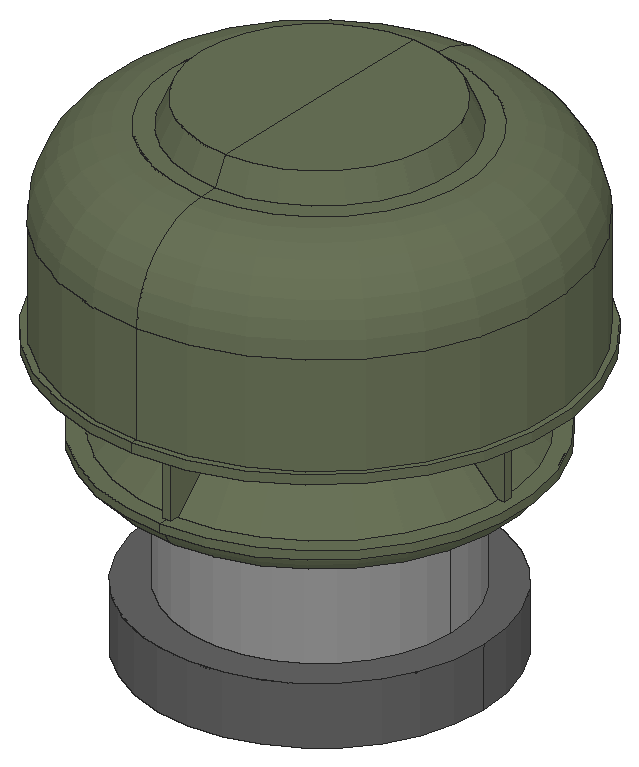
Revit family "Parex_AirTerminal_Amore900", category Air Terminals, host Face, Revit 2023
Family settings
  Host = Face
  Round Connector Dimension = Use Diameter
  Part Type = Normal
  Cut with Voids When Loaded = No
  Shared = No
  Room Calculation Point = No
Parameters
  Width = 278 mm
  WarrantyDescription = "10 years"
  URL = "https://amorehomes.co.nz/"
  Type IFC Predefined Type = "DIFFUSER"
  Specifications = "900 m3/hr airflow\r\n\r\nEnergy efficient German made EX-Motor\r\n\r\nThe motor housing is crafted from ASA, one of the most durable plastics for direct sunlight exposure\r\n\r\n200mm flexi ducting (5m), solid roof extension pipe and bell housing adapter included with motor.\r\n\r\nInstallation: Roof & Wall"
  RoofAngleInput [instance] = 0.00°
  MountType = ""
  Model = "AM900"
  Material = Parex_ASA Plastic_Green
  Manufacturer = "Amore Homes"
  Height = 198 mm
  GrillMaterial = Parex_ASA Plastic_Green_Cutout
  Export Type to IFC As = "IfcAirTerminalType"
  Description = "Amore 900 Normal Cooking"
  Dektite_Diameter = 200 mm
  Default Elevation = 1219.2 mm
  ChimneyLength = 100 mm
  ChimneyDiameter = 160 mm
  Calc_DektiteMidDiameter = ChimneyDiameter + ((Dektite_Diameter - ChimneyDiameter) / 2)  # 180 mm
  BasePlateThickness = 59.841 mm
  BaseHeight = 35 mm
  Angle [instance] = 90.00° - RoofAngleInput  # 90.00°
Reference planes
  plane 1 "Center (Front/Back)": y = 0
  plane 2: z = 0
  plane 3 "Center (Left/Right)": x = 0
  plane 4: x = -492.082
  plane 5: y = -550.771
  plane 6: y = 550.771
  plane 7: x = 492.082
  plane 8: z = 180.161
  plane 9: z = 500.161
  plane 10: z = -559.737
  plane 11 "BaseHeight": z = 35
Forms (mm)
  Sweep 1, solid, material "Parex_Metal_430 Stainless Steel"
    path in 3D
      loop
        line (0, 0, 0) -> (0, 0, 100)
    profile origin (0, 0, 50) x (-1, 0, 0) y (0, -1, 0)
      loop
        circle (0, 0) r 80
  Extrusion 2, solid, material "Parex_Dektite"
    sketch origin (0, 0, 0) x (1, 0, 0) y (0, 1, 0)
      loop
        circle (0, 0) r 100
    from 0 to 35
Lines and regions (mm)
  reference lines
    curve 1: circle (0, 0, 0) r 100 normal (0, 0, 1)
    curve 2: circle (0, 0, 0) r 90 normal (0, 0, 1)
    curve 3: circle (0, 0, 0) r 80 normal (0, 0, 1)
    curve 4: line (0, 0, 0) -> (0, 0, 100)
  sketch lines
    curve 5: line (0, 0, 0) -> (0, 0, 100)
Dimensions and locks
  equal spacing: plane 4, plane 3 "Center (Left/Right)", plane 7
  equal spacing: plane 5, plane 1 "Center (Front/Back)", plane 6
  "ChimneyLength": curve 4 to curve 4
  "BaseHeight": plane 11 "BaseHeight" to level
  "Dektite_Diameter": diameter of curve 1
  "Calc_DektiteMidDiameter": diameter of curve 2
  "ChimneyDiameter": diameter of curve 3
  "ChimneyDiameter": diameter of Sweep 1 sketch curve
  "Angle": angle host face to curve 4
  aligned and locked: plane 2 to host face
  aligned and locked: level to host face
  aligned and locked: plane 3 "Center (Left/Right)" to curve 2
  aligned and locked: plane 1 "Center (Front/Back)" to curve 2
  aligned and locked: plane 1 "Center (Front/Back)" to curve 1
  aligned and locked: plane 3 "Center (Left/Right)" to curve 1
  aligned and locked: plane 1 "Center (Front/Back)" to curve 3
  aligned and locked: plane 3 "Center (Left/Right)" to curve 3
  aligned and locked: plane 2 to curve 4
  aligned and locked: plane 3 "Center (Left/Right)" to curve 4
  aligned and locked: nested 1 to curve 4
  aligned and locked: curve 4 to nested 1
  aligned and locked: Extrusion 2 sketch curve to curve 1
  aligned and locked: plane 11 "BaseHeight" to Extrusion 2
Automatic sketch dimensions
  host sketch curve to host sketch curve = 2438.4 mm  (x2)
  Sweep 1 sketch curve to profile plane = 0 mm
  profile plane to Sweep 1 sketch curve = 0 mm
Nested families
  nested 1: "Parex_Generic_900" at (0, 0, 100) x (0, -1, 0) z (0, 0, 1), Material <- "Material", type "Parex_Generic_900"
    with Material Parex_ASA Plastic_Green
Connectors
  hvac at (0, 0, 0), driven by "ChimneyDiameter"
    settings: on Sweep 1, index 1, duct flow 0.0 L/s, flow factor 0, pres drop 0.0 Pa, loss coef 0, conn angle 0.00°, conn width 304.8 mm, conn height 304.8 mm, conn diameter 160 mm, duct sys type 3, conn prof type 0, flow config 0, flow direction 0, loss method 0, conn ref index -1, conn util no, is conn primary yes, conn desc ""
Definition of nested family "Parex_Generic_900"
  Parameters (values of type "Parex_Generic_900")
    Material [instance] = none
    Default Elevation = 1219.2 mm
  Reference planes
    plane 1 "Center (Front/Back)": y = 0
    plane 2: z = 0
    plane 3 "Center (Left/Right)": x = 0
    plane 4: z = 198
    plane 5: x = -139
    plane 6: z = 67
    plane 7: z = 183
    plane 8: x = -78.5
    plane 9: z = 14
    plane 10: x = -121
  Forms (mm)
    Extrusion 1, solid
      sketch origin (0, 0, 0) x (1, 0, 0) y (0, 1, 0)
        loop
          line (-1219.2, 1219.2) -> (-1219.2, -1219.2) -> (1219.2, -1219.2) -> (1219.2, 1219.2) -> (-1219.2, 1219.2)
      from 0 to -304.8
    Revolve 2, solid, material <- "Material", detail levels medium+fine
      sketch origin (0, 0, 0) x (1, 0, 0) y (0, 0, 1)
        loop
          line (-78.5, 183) -> (-89, 183)
          arc (-89, 183) -> (-124.355, 168.355) -> (-139, 133) r 50
          line (-139, 133) -> (-139, 72.467) -> (-142.514, 72.467) -> (-142.514, 67) -> (0, 67) -> (0, 198) -> (-71.505, 198) -> (-78.5, 183)
        axis (0, 198) -> (0, 67)
      angle from 0 to 360
    Revolve 3, solid, material <- "Material", detail levels medium+fine
      sketch origin (0, 0, 0) x (1, 0, 0) y (0, 0, 1)
        loop
          arc (-117.923, 14) -> (-111.371, 3.915) -> (-100, 0) r 18.473
          line (-100, 0) -> (0, 0) -> (0, 67) -> (-75.645, 67) -> (-75.645, 54.355) -> (-111, 19) -> (-121, 19) -> (-121, 14) -> (-117.923, 14)
        axis (0, 67) -> (0, 0)
      angle from 0 to 360
    Extrusion 4, solid, material <- "Material", detail levels fine
      sketch origin (0, 0, 0) x (1, 0, 0) y (0, 1, 0)
        loop
          line (2.452, -115.8) -> (2.452, -2.452) -> (115.718, -2.452) -> (115.718, 2.452) -> (2.452, 2.452) -> (2.452, 114.379) -> (-2.452, 114.379) -> (-2.452, 2.452) -> (-116.223, 2.452) -> (-116.223, -2.452) -> (-2.452, -2.452) -> (-2.452, -115.8) -> (2.452, -115.8)
      from 19 to 67
    Revolve 5, void
      sketch origin (0, 0, 0) x (1, 0, 0) y (0, 0, 1)
        loop
          line (-99, 67) -> (-61.726, 19) -> (0, 19) -> (0, 67) -> (-99, 67)
        axis (0, 67) -> (0, 19)
      angle from 0 to 360
    Revolve 6, solid, material <- "Material", detail levels coarse
      sketch origin (0, 0, 0) x (1, 0, 0) y (0, 0, 1)
        loop
          line (0, 198) -> (-139, 198) -> (-139, 0) -> (0, 0) -> (0, 198)
        axis (0, 198) -> (0, 0)
      angle from 0 to 360
  Cuts and joins
    Revolve 5 cuts Extrusion 4
  Dimensions and locks
    plane 4 to plane 2 = 198 mm
    aligned and locked: plane 2 to Extrusion 1
    aligned and locked: level to Extrusion 1
    aligned and locked: Extrusion 4 to plane 6
    aligned and locked: Revolve 6 sketch curve to Revolve 2
    aligned and locked: plane 3 "Center (Left/Right)" to Revolve 6 sketch curve
    aligned and locked: Revolve 6 sketch curve to level
    aligned and locked: Revolve 6 sketch curve to plane 5
    aligned and locked: Revolve 6 sketch curve to plane 3 "Center (Left/Right)"
